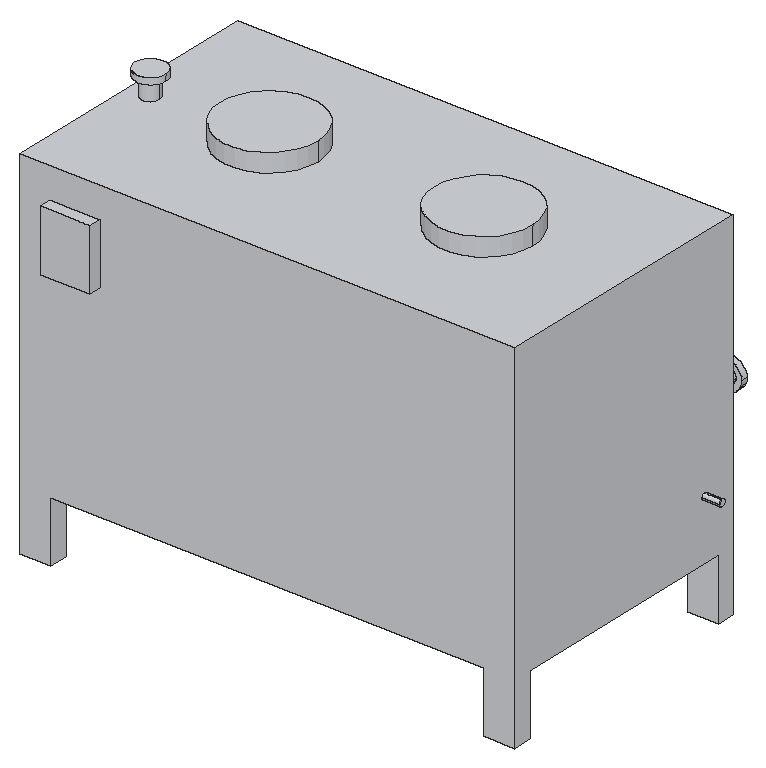
Revit family "f75ccad2e1e74a11b79f0920a83449a0", category Mechanical Equipment, Revit 2021
Family settings
  Round Connector Dimension = Use Radius
  Part Type = Normal
  OmniClass Number = 23.75.10.11.14.34
  OmniClass Title = Steel Water-Tube Boilers
  Seek Item ID = Watertube Boiler - 3000-21000 MBH-0000-USA-ENU
  Work Plane-Based = No
  Always vertical = Yes
  Cut with Voids When Loaded = No
  Shared = No
  Room Calculation Point = No
Parameters (values of type "3000 MBH")
  Water Volume [instance] = 149.00 CF
  Water Pressure Drop [instance] = 1.70 psi
  Water Flow [instance] = 250 GPM
  Voltage = 120 V
  Vent Radius = 8"
  Vent Duct Length = 2' - 11"
  Vent Diameter = Vent Radius * 2  # 16"
  Radius 2 = Cold Water Radius + 0' 1"  # 0' - 2 1/2"
  Radius 1 = Hot Water Radius + 0' 1"  # 0' - 2 1/2"
  Pipe Length 2 = Pipe Length 1  # 0' - 3 1/2"
  Pipe Length 1 = 0' - 3 1/2"
  Pipe Height 1 = 2' - 8 1/2"
  Output Heat [instance] = 2490000 Btu/h
  Number of Poles = 1
  Input Heat [instance] = 3000000.0 Btu/h
  Hot Water Radius = Cold Water Radius  # 1 1/2"
  Hot Water Diameter = Hot Water Radius * 2  # 3"
  Heating Surface = 382.00 SF
  Gas Radius = 1"
  Gas Flow [instance] = 0 GPM
  Gas Diameter = Gas Radius * 2  # 2"
  Exhaust Air Flow [instance] = 0 CFM
  Default Elevation = 0' - 0"
  Cold Water Radius = 1 1/2"
  Cold Water Diameter = Cold Water Radius * 2  # 3"
  Boiler Width = 3' - 8 1/2"
  Boiler Material = none
  Boiler Length = 6' - 8 3/4"
  Boiler Height = 4' - 10 1/2"
  BHP [instance] = 74.4
  Apparent Load = 480 VA
Types (10): name | Water Volume | Water Pressure Drop | Water Flow | Vent Radius | Vent Duct Length | Vent Diameter | Radius 2 | Radius 1 | Pipe Length 2 | Pipe Length 1 | Pipe Height 1 | Output Heat | Input Heat | Hot Water Radius | Hot Water Diameter | Heating Surface | Gas Radius | Gas Diameter | Cold Water Radius | Cold Water Diameter | Boiler Width | Boiler Length | Boiler Height | BHP | Apparent Load
  (no name) | 149.00 CF | 1.70 psi | 250 GPM | 8" | 2' - 11" | 16" | 0' - 2 1/2" | 0' - 2 1/2" | 0' - 3 1/2" | 0' - 3 1/2" | 2' - 8 1/2" | 2490000 Btu/h | 3000000.0 Btu/h | 1 1/2" | 3" | 382.00 SF | 1" | 2" | 1 1/2" | 3" | 3' - 8 1/2" | 6' - 8 3/4" | 4' - 10 1/2" | 74.4 | 480 VA
  3000 MBH | 149.00 CF | 1.70 psi | 250 GPM | 8" | 2' - 11" | 16" | 0' - 2 1/2" | 0' - 2 1/2" | 0' - 3 1/2" | 0' - 3 1/2" | 2' - 8 1/2" | 2490000 Btu/h | 3000000.0 Btu/h | 1 1/2" | 3" | 382.00 SF | 1" | 2" | 1 1/2" | 3" | 3' - 8 1/2" | 6' - 8 3/4" | 4' - 10 1/2" | 74.4 | 480 VA
  21000 MBH | 1019.00 CF | 1.82 psi | 2500 GPM | 18" | 7' - 8" | 36" | 0' - 6" | 0' - 6" | 0' - 7 7/8" | 0' - 7 7/8" | 3' - 9" | 17430000 Btu/h | 21000000.0 Btu/h | 5" | 10" | 2527.00 SF | 2" | 4" | 5" | 10" | 6' - 9" | 16' - 3" | 6' - 5 3/4" | 520.6 | 960 VA
  4200 MBH | 243.00 CF | 0.35 psi | 400 GPM | 9" | 2' - 11" | 18" | 0' - 4" | 0' - 4" | 0' - 5 3/4" | 0' - 5 3/4" | 3' - 5" | 3486000 Btu/h | 4200000.0 Btu/h | 3" | 6" | 509.00 SF | 1" | 2" | 3" | 6" | 4' - 7" | 7' - 8 1/4" | 5' - 7 3/4" | 104.1 | 480 VA
  5250 MBH | 277.00 CF | 0.65 psi | 600 GPM | 10" | 2' - 11" | 20" | 0' - 4" | 0' - 4" | 0' - 5 3/4" | 0' - 5 3/4" | 3' - 5" | 4375500 Btu/h | 5250000.0 Btu/h | 3" | 6" | 642.00 SF | 1 1/4" | 2 1/2" | 3" | 6" | 4' - 7" | 9' - 3 1/4" | 5' - 7 3/4" | 130.2 | 780 VA
  6300 MBH | 309.00 CF | 1.13 psi | 800 GPM | 11" | 2' - 10" | 22" | 0' - 4" | 0' - 4" | 0' - 5 3/4" | 0' - 5 3/4" | 3' - 5" | 5229000 Btu/h | 6300000.0 Btu/h | 3" | 6" | 642.00 SF | 1 1/4" | 2 1/2" | 3" | 6" | 4' - 7" | 10' - 9 3/4" | 5' - 7 3/4" | 156.2 | 780 VA
  7350 MBH | 344.00 CF | 1.70 psi | 1000 GPM | 11" | 3' - 6" | 22" | 0' - 4" | 0' - 4" | 0' - 5 3/4" | 0' - 5 3/4" | 3' - 5" | 6100500 Btu/h | 7350000.0 Btu/h | 3" | 6" | 642.00 SF | 1 1/4" | 2 1/2" | 3" | 6" | 4' - 7" | 12' - 5 1/4" | 5' - 7 3/4" | 182.2 | 780 VA
  9500 MBH | 515.00 CF | 0.78 psi | 1200 GPM | 12" | 4' - 11" | 24" | 0' - 5" | 0' - 5" | 0' - 7 7/8" | 0' - 7 7/8" | 3' - 9" | 7855000 Btu/h | 9500000.0 Btu/h | 4" | 8" | 642.00 SF | 1 1/2" | 3" | 4" | 8" | 4' - 7" | 11' - 7 1/2" | 6' - 1 1/4" | 235.5 | 960 VA
  11500 MBH | 580.00 CF | 1.39 psi | 1400 GPM | 13" | 6' - 1" | 26" | 0' - 5" | 0' - 5" | 0' - 7 7/8" | 0' - 7 7/8" | 3' - 9" | 9545000 Btu/h | 11500000.0 Btu/h | 4" | 8" | 1452.00 SF | 1 1/2" | 3" | 4" | 8" | 5' - 7" | 13' - 7 1/2" | 6' - 1 1/4" | 285.1 | 960 VA
  16750 MBH | 889.00 CF | 1.13 psi | 2000 GPM | 17" | 6' - 8" | 34" | 0' - 6" | 0' - 6" | 0' - 7 7/8" | 0' - 7 7/8" | 3' - 9" | 13902000 Btu/h | 16750000.0 Btu/h | 5" | 10" | 2018.00 SF | 2" | 4" | 5" | 10" | 6' - 9" | 13' - 6" | 6' - 5 3/4" | 415.2 | 960 VA
Reference planes (in)
  plane 1 "Center (Front/Back)": y = 0
  plane 2: z = 0
  plane 3 "Center (Left/Right)": x = 0
  plane 4: y = 44.5
  plane 5: x = 80.75
  plane 6: z = 10
  plane 7: z = 58.5
  plane 8: x = 5
  plane 9: y = 3
  plane 10: y = 41.5
  plane 11: x = 75.75
  plane 12: y = 22.25
  plane 13: x = 3.5
  plane 14: z = 61.5
  plane 15: z = 62.5
  plane 16: x = 77.25
  plane 17: y = 47.5
  plane 18: y = 48.5
  plane 19: z = 32.5
  plane 20: x = 40.375
  plane 21: x = 22.875
  plane 22: x = 57.875
  plane 23: z = 53.5
  plane 24: z = 43.5
  plane 25: x = 5
  plane 26: x = 13
  plane 27: y = -2
  plane 28: y = 38.5
  plane 29: x = 83.75
  plane 30: z = 20
  plane 31: y = 8
  plane 32: x = 70.75
  plane 33: z = 7
  plane 34: x = 74.75
  plane 35: x = 79.75
  plane 36: y = 39
  plane 37: y = 38
  plane 38: x = 75.75
  plane 39: x = 78.75
Forms (in)
  Extrusion 1, solid, material <- "Boiler Material"
    sketch origin (0, 0, 0) x (1, 0, 0) y (0, 1, 0)
      loop
        line (0, 44.5) -> (0, 0) -> (80.75, 0) -> (80.75, 44.5) -> (0, 44.5)
    from 10 to 58.5
  Extrusion 2, solid, material <- "Boiler Material"
    sketch origin (0, 0, 0) x (1, 0, 0) y (0, 0, 1)
      loop
        line (5, 0) -> (5, 10) -> (0, 10) -> (0, 0) -> (5, 0)
    from 0 to -3
  Extrusion 3, solid, material <- "Boiler Material"
    sketch origin (0, 0, 0) x (1, 0, 0) y (0, 0, 1)
      loop
        line (80.75, 10) -> (75.75, 10) -> (75.75, 0) -> (80.75, 0) -> (80.75, 10)
    from 0 to -3
  Extrusion 4, solid, material <- "Boiler Material"
    sketch origin (0, 0, 0) x (1, 0, 0) y (0, 0, 1)
      loop
        line (80.75, 10) -> (75.75, 10) -> (75.75, 0) -> (80.75, 0) -> (80.75, 10)
    from -44.5 to -41.5
  Extrusion 5, solid, material <- "Boiler Material"
    sketch origin (0, 0, 0) x (1, 0, 0) y (0, 0, 1)
      loop
        line (5, 10) -> (0, 10) -> (0, 0) -> (5, 0) -> (5, 10)
    from -44.5 to -41.5
  Extrusion 6, solid, material <- "Boiler Material"
    sketch origin (0, 0, 0) x (1, 0, 0) y (0, 1, 0)
      loop
        circle (3.5, 22.25) r 1.5
    from 61.5 to 58.5
  Extrusion 7, solid, material <- "Boiler Material"
    sketch origin (0, 0, 0) x (1, 0, 0) y (0, 1, 0)
      loop
        circle (3.5, 22.25) r 2.5
    from 61.5 to 62.5
  Extrusion 8, solid, material <- "Boiler Material"
    sketch origin (0, 0, 0) x (1, 0, 0) y (0, 0, 1)
      loop
        circle (77.25, 32.5) r 1.5
    from -47.5 to -44.5
  Extrusion 9, solid, material <- "Boiler Material"
    sketch origin (0, 0, 0) x (1, 0, 0) y (0, 0, 1)
      loop
        circle (77.25, 32.5) r 2.5
    from -48.5 to -47.5
  Extrusion 10, solid, material <- "Boiler Material"
    sketch origin (0, 0, 0) x (1, 0, 0) y (0, 1, 0)
      loop
        circle (22.875, 22.25) r 8
      loop
        circle (57.875, 22.25) r 8
    from 61.5 to 58.5
  Extrusion 11, solid, material <- "Boiler Material"
    sketch origin (0, 0, 0) x (1, 0, 0) y (0, 0, 1)
      loop
        line (5, 53.5) -> (5, 43.5) -> (13, 43.5) -> (13, 53.5) -> (5, 53.5)
    from 0 to 2
  Extrusion 12, solid, material <- "Boiler Material"
    sketch origin (0, 0, 0) x (0, 1, 0) y (0, 0, 1)
      loop
        circle (38.5, 20) r 0.5
    from 80.75 to 83.75
  Extrusion 13, solid, material <- "Boiler Material"
    sketch origin (0, 0, 0) x (1, 0, 0) y (0, 1, 0)
      loop
        circle (70.75, 8) r 1
    from 7 to 10
  Extrusion 14, solid, material <- "Boiler Material", detail levels fine
    sketch origin (0, 0, 0) x (1, 0, 0) y (0, 0, 1)
      loop
        circle (77.25, 32.5) r 2.5
    from -48.5 to -47.5
  Extrusion 15, solid, material <- "Boiler Material", detail levels fine
    sketch origin (0, 0, 0) x (1, 0, 0) y (0, 0, 1)
      loop
        circle (77.25, 32.5) r 1.5
    from -47.5 to -44.5
  Extrusion 16, solid, material <- "Boiler Material", detail levels fine
    sketch origin (0, 0, 0) x (0, 1, 0) y (0, 0, 1)
      loop
        circle (38.5, 20) r 0.5
    from 80.75 to 83.75
Cuts and joins
  joined: Extrusion 8, Extrusion 9, Extrusion 12
  joined: Extrusion 1, Extrusion 2, Extrusion 3, Extrusion 4, Extrusion 5, Extrusion 6, Extrusion 7, Extrusion 10, Extrusion 11
Lines and regions (in)
  symbolic lines, detail levels coarse+medium
    curve 1: line (77.25, 48.5, 0) -> (77.25, 44.5, 0)
    curve 2: line (80.75, 38.5, 0) -> (83.75, 38.5, 0)
  symbolic lines, detail levels fine
    curve 3: line (80.75, 39, 0) -> (83.75, 39, 0)
    curve 4: line (80.75, 38, 0) -> (83.75, 38, 0)
    curve 5: line (83.75, 39, 0) -> (83.75, 38, 0)
    curve 6: line (75.75, 47.5, 0) -> (75.75, 44.5, 0)
    curve 7: line (78.75, 47.5, 0) -> (78.75, 44.5, 0)
    curve 8: line (74.75, 47.5, 0) -> (79.75, 47.5, 0)
    curve 9: line (74.75, 48.5, 0) -> (74.75, 47.5, 0)
    curve 10: line (79.75, 48.5, 0) -> (79.75, 47.5, 0)
    curve 11: line (74.75, 48.5, 0) -> (79.75, 48.5, 0)
Dimensions and locks (in)
  "Boiler Width": plane 4 to plane 1 "Center (Front/Back)"
  "Boiler Length": plane 3 "Center (Left/Right)" to plane 5
  locked: plane 2 to plane 6 at 10
  "Boiler Height": plane 2 to plane 7
  locked: plane 3 "Center (Left/Right)" to plane 8 at 5
  locked: plane 1 "Center (Front/Back)" to plane 9 at 3
  locked: plane 4 to plane 10 at 3
  locked: plane 11 to plane 5 at 5
  equal spacing: plane 4, plane 12, plane 1 "Center (Front/Back)"
  "Pipe Length 2": plane 3 "Center (Left/Right)" to plane 13
  locked: plane 7 to plane 14 at 3
  locked: plane 14 to plane 15 at 1
  "Pipe Length 1": plane 16 to plane 5
  locked: plane 17 to plane 4 at 3
  locked: plane 18 to plane 17 at 1
  "Pipe Height 1": plane 2 to plane 19
  equal spacing: plane 3 "Center (Left/Right)", plane 20, plane 5
  equal spacing: plane 21, plane 20, plane 22
  "Vent Duct Length": plane 21 to plane 22
  locked: plane 7 to plane 23 at 5
  locked: plane 23 to plane 24 at 10
  locked: plane 25 to plane 3 "Center (Left/Right)" at 5
  locked: plane 26 to plane 25 at 8
  locked: plane 1 "Center (Front/Back)" to plane 27 at 2
  locked: plane 4 to plane 28 at 6
  locked: plane 5 to plane 29 at 3
  locked: plane 30 to plane 2 at 20
  locked: plane 1 "Center (Front/Back)" to plane 31 at 8
  locked: plane 32 to plane 5 at 10
  locked: plane 33 to plane 6 at 3
  "Radius 2": plane 34 to plane 16
  "Radius 2": plane 16 to plane 35
  locked: plane 36 to plane 28 at 0.5
  locked: plane 28 to plane 37 at 0.5
  "Cold Water Radius": plane 38 to plane 16
  "Cold Water Radius": plane 16 to plane 39
  "Hot Water Radius": radius of Extrusion 6 sketch curve
  "Radius 1": radius of Extrusion 7 sketch curve
  "Cold Water Radius": radius of Extrusion 8 sketch curve
  "Radius 2": radius of Extrusion 9 sketch curve
  "Vent Radius": radius of Extrusion 10 sketch curve  (x2)
  radius of Extrusion 12 sketch curve = 0' - 0 1/2"
  "Gas Radius": radius of Extrusion 13 sketch curve
  "Radius 2": radius of Extrusion 14 sketch curve
  "Cold Water Radius": radius of Extrusion 15 sketch curve
  radius of Extrusion 16 sketch curve = 0' - 0 1/2"
  aligned and locked: plane 3 "Center (Left/Right)" to Extrusion 1 sketch curve
  aligned and locked: Extrusion 1 sketch curve to plane 4
  aligned and locked: plane 1 "Center (Front/Back)" to Extrusion 1 sketch curve
  aligned and locked: Extrusion 1 sketch curve to plane 5
  aligned and locked: plane 7 to Extrusion 1
  aligned and locked: Extrusion 1 to plane 6
  aligned and locked: Extrusion 2 sketch curve to plane 2
  aligned and locked: Extrusion 2 sketch curve to plane 8
  aligned and locked: plane 6 to Extrusion 2 sketch curve
  aligned and locked: Extrusion 2 sketch curve to plane 3 "Center (Left/Right)"
  aligned and locked: Extrusion 2 to plane 1 "Center (Front/Back)"
  aligned and locked: plane 9 to Extrusion 2
  aligned and locked: Extrusion 3 sketch curve to plane 6
  aligned and locked: Extrusion 3 sketch curve to plane 5
  aligned and locked: plane 2 to Extrusion 3 sketch curve
  aligned and locked: Extrusion 3 sketch curve to plane 11
  aligned and locked: plane 9 to Extrusion 3
  aligned and locked: plane 1 "Center (Front/Back)" to Extrusion 3
  aligned and locked: Extrusion 4 sketch curve to plane 6
  aligned and locked: plane 2 to Extrusion 4 sketch curve
  aligned and locked: Extrusion 4 sketch curve to plane 5
  aligned and locked: Extrusion 4 sketch curve to plane 11
  aligned and locked: Extrusion 5 sketch curve to plane 6
  aligned and locked: plane 8 to Extrusion 5 sketch curve
  aligned and locked: plane 2 to Extrusion 5 sketch curve
  aligned and locked: plane 3 "Center (Left/Right)" to Extrusion 5 sketch curve
  aligned and locked: plane 4 to Extrusion 5
  aligned and locked: Extrusion 5 to plane 10
  aligned and locked: plane 4 to Extrusion 4
  aligned and locked: Extrusion 4 to plane 10
  aligned and locked: plane 12 to Extrusion 6 sketch curve
  aligned and locked: plane 13 to Extrusion 6 sketch curve
  aligned and locked: plane 7 to Extrusion 6
  aligned and locked: plane 14 to Extrusion 6
  aligned and locked: plane 12 to Extrusion 7 sketch curve
  aligned and locked: plane 13 to Extrusion 7 sketch curve
  aligned and locked: plane 15 to Extrusion 7
  aligned and locked: Extrusion 7 to plane 14
  aligned and locked: plane 19 to Extrusion 8 sketch curve
  aligned and locked: plane 16 to Extrusion 8 sketch curve
  aligned and locked: plane 17 to Extrusion 8
  aligned and locked: Extrusion 8 to plane 4
  aligned and locked: plane 19 to Extrusion 9 sketch curve
  aligned and locked: plane 16 to Extrusion 9 sketch curve
  aligned and locked: plane 18 to Extrusion 9
  aligned and locked: plane 12 to Extrusion 10 sketch curve  (x2)
  aligned and locked: plane 21 to Extrusion 10 sketch curve
  aligned and locked: plane 22 to Extrusion 10 sketch curve
  aligned and locked: plane 7 to Extrusion 10
  aligned and locked: plane 14 to Extrusion 10
  aligned and locked: plane 25 to Extrusion 11 sketch curve
  aligned and locked: Extrusion 11 sketch curve to plane 23
  aligned and locked: plane 24 to Extrusion 11 sketch curve
  aligned and locked: Extrusion 11 sketch curve to plane 26
  aligned and locked: Extrusion 11 to plane 1 "Center (Front/Back)"
  aligned and locked: Extrusion 11 to plane 27
  aligned and locked: plane 30 to Extrusion 12 sketch curve
  aligned and locked: plane 28 to Extrusion 12 sketch curve
  aligned and locked: plane 5 to Extrusion 12
  aligned and locked: plane 29 to Extrusion 12
  aligned and locked: plane 32 to Extrusion 13 sketch curve
  aligned and locked: plane 31 to Extrusion 13 sketch curve
  aligned and locked: plane 6 to Extrusion 13
  aligned and locked: Extrusion 13 to plane 33
  aligned and locked: curve 1 to plane 16
  aligned and locked: plane 29 to curve 2
  aligned and locked: curve 2 to plane 28
  aligned and locked: plane 5 to curve 3
  aligned and locked: curve 3 to plane 36
  aligned and locked: curve 4 to plane 37
  aligned and locked: plane 36 to curve 5
  aligned and locked: plane 37 to curve 5
  aligned and locked: curve 5 to plane 29
  aligned and locked: plane 17 to curve 7
  aligned and locked: curve 7 to plane 39
  aligned and locked: plane 4 to curve 6
  aligned and locked: curve 6 to plane 38
  aligned and locked: plane 34 to curve 8
  aligned and locked: plane 35 to curve 8
  aligned and locked: curve 8 to plane 17
  aligned and locked: curve 10 to plane 35
  aligned and locked: curve 9 to plane 34
  aligned and locked: plane 16 to Extrusion 14 sketch curve
  aligned and locked: plane 19 to Extrusion 14 sketch curve
  aligned and locked: plane 16 to Extrusion 15 sketch curve
  aligned and locked: plane 19 to Extrusion 15 sketch curve
  aligned and locked: plane 18 to Extrusion 14
  aligned and locked: Extrusion 14 to plane 17
  aligned and locked: plane 17 to Extrusion 15
  aligned and locked: Extrusion 15 to plane 4
  aligned and locked: plane 28 to Extrusion 16 sketch curve
  aligned and locked: plane 30 to Extrusion 16 sketch curve
  aligned and locked: plane 29 to Extrusion 16
  aligned and locked: Extrusion 16 to plane 5
Automatic sketch dimensions
  curve 1 to plane 4 = 0' - 0"
  curve 7 to plane 4 = 0' - 0"
  curve 2 to plane 5 = 0' - 0"
  curve 4 to plane 5 = 0' - 0"
  curve 1 to plane 18 = 0' - 0"
Connectors (in)
  piping at (3.5, 22.25, 62.5), diameter 3, driven by "Hot Water Radius", driven by "Water Flow", driven by "Water Pressure Drop"
    settings: on cut or joined group 1 (Extrusion 1, Extrusion 2, Extrusion 3, Extrusion 4, Extrusion 5, Extrusion 6, Extrusion 7, Extrusion 10, Extrusion 11), index 1, connector inside diameter 3", connector length 0' - 0", flow factor 0, pipe flow 250 GPM, pressure drop 1.70 psi, fitting loss kfactor 0, connector angle 0.00°, fixture units 0, engagement length 0' - 0", angle of deflection 0.00°, flow configuration 0, flow direction 2, fitting loss method 4, system type 7, joint type 0, gender type 0, connector reference index 2, connector utility 0, adjustable connector no, is connector primary yes, connector description "Hot Water Out"
  piping at (77.25, 48.5, 32.5), diameter 3, driven by "Cold Water Radius", driven by "Water Flow"
    settings: on cut or joined group of Extrusion 8, Extrusion 9, Extrusion 12, index 2, connector inside diameter 3", connector length 0' - 0", flow factor 0, pipe flow 250 GPM, pressure drop 0.00 psi, fitting loss kfactor 0, connector angle 0.00°, fixture units 0, engagement length 0' - 0", angle of deflection 0.00°, flow configuration 0, flow direction 1, fitting loss method 0, system type 8, joint type 0, gender type 0, connector reference index 1, connector utility 0, adjustable connector no, is connector primary no, connector description "Cold Water In"
  piping at (70.75, 8, 7), diameter 2, driven by "Gas Radius", driven by "Gas Flow"
    settings: on Extrusion 13, index 3, connector inside diameter 2", connector length 0' - 0", flow factor 0, pipe flow 0 GPM, pressure drop 0.00 psi, fitting loss kfactor 0, connector angle 0.00°, fixture units 0, engagement length 0' - 0", angle of deflection 0.00°, flow configuration 1, flow direction 1, fitting loss method 0, system type 7, joint type 0, gender type 0, connector reference index -1, connector utility 0, adjustable connector no, is connector primary no, connector description "Gas In"
  hvac at (57.875, 22.25, 61.5), driven by "Vent Radius", driven by "Exhaust Air Flow"
    settings: on cut or joined group 1, index 4, duct flow 0 CFM, flow factor 0, pres drop 0.00 in-wg, loss coef 0, conn angle 0.00°, conn width 12", conn height 12", conn diameter 16", duct sys type 3, conn prof type 0, flow config 1, flow direction 2, loss method 0, conn ref index -1, conn util no, is conn primary yes, conn desc ""
  hvac at (22.875, 22.25, 61.5), driven by "Vent Radius", driven by "Exhaust Air Flow"
    settings: on cut or joined group 1, index 5, duct flow 0 CFM, flow factor 0, pres drop 0.00 in-wg, loss coef 0, conn angle 0.00°, conn width 12", conn height 12", conn diameter 16", duct sys type 3, conn prof type 0, flow config 1, flow direction 2, loss method 0, conn ref index -1, conn util no, is conn primary no, conn desc ""
  piping at (83.75, 38.5, 20), diameter 1
    settings: on cut or joined group of Extrusion 8, Extrusion 9, Extrusion 12, index 6, connector inside diameter 1", connector length 0' - 0", flow factor 0, pipe flow 0 GPM, pressure drop 0.00 psi, fitting loss kfactor 0, connector angle 0.00°, fixture units 0, engagement length 0' - 0", angle of deflection 0.00°, flow configuration 1, flow direction 2, fitting loss method 0, system type 16, joint type 0, gender type 0, connector reference index -1, connector utility 0, adjustable connector yes, is connector primary no, connector description "Drain Out"
  electrical at (9, -2, 48.5)
    settings: on cut or joined group 1, index 7, voltage 0 V, apparent load 0 VA, apparent load phase1 0 VA, apparent load phase2 0 VA, apparent load phase3 0 VA, power factor 1, load classification "Other", number of poles 1, system type 13, power factor state 1, is connector primary yes, connector utility no, sub classification motor no, connector description ""
